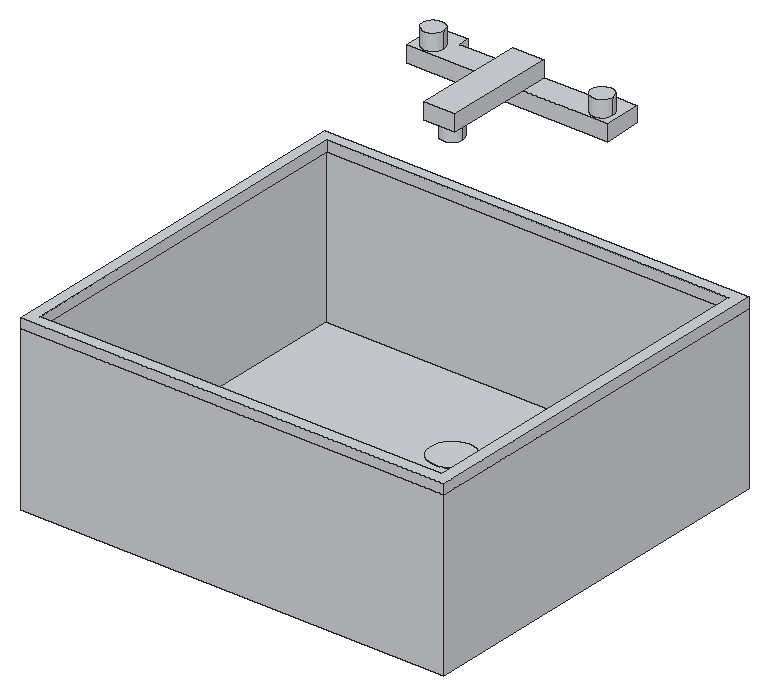
Revit family "API_Sink - Work_content", category Plumbing Fixtures, Revit 2025
Family settings
  Round Connector Dimension = Use Radius
  Part Type = Normal
  OmniClass Number = 23.45.05.14.14
  OmniClass Title = Sinks/Lavatories
  Work Plane-Based = No
  Enable Cutting in Views = No
  Always vertical = Yes
  Cut with Voids When Loaded = No
  Maintain Annotation Orientation = No
  Shared = No
  Room Calculation Point = No
Parameters (values of type "20"x18"")
  WFU = 2
  Sink Width = 1' - 6"
  Sink Material = none
  Sink Length = 1' - 8"
  Sink Depth = 0' - 8"
  Sanitary Radius = 3/4"
  Sanitary Diameter = 2 * Sanitary Radius  # 1 1/2"
  Hot Water Radius = 1/4"
  Hot Water Diameter = 2 * Hot Water Radius  # 1/2"
  HWFU = 2.25
  Flow Pressure [instance] = 8.00 psi
  Faucet Material = none
  Faucet Height = 1' - 1 5/8"
  Default Elevation = 0' - 0"
  Cold Water Radius = 1/4"
  Cold Water Diameter = 2 * Cold Water Radius  # 1/2"
  CWFU = 2.25
Reference planes (in)
  plane 1 "Center (Front/Back)": y = 0
  plane 2: z = 0
  plane 3 "Center (Left/Right)": x = 0
  plane 4: x = -10
  plane 5: x = 10
  plane 6: y = -18
  plane 7: y = -0.125
  plane 8: x = -9.875
  plane 9: x = 9.875
  plane 10: y = -17.875
  plane 11: z = 0.125
  plane 12: z = 8.125
  plane 13: z = 7.625
  plane 14: y = -0.5
  plane 15: x = -9.5
  plane 16: x = 9.5
  plane 17: y = -17.5
  plane 18: y = -5
  plane 19: z = 13.625
  plane 20: z = 14.375
  plane 21: z = 15.125
  plane 22: y = -1.75
  plane 23: x = -4.75
  plane 24: x = 4.75
  plane 25: x = -3.25
  plane 26: x = 3.25
  plane 27: y = -1.125
  plane 28: x = -4
  plane 29: x = 4
  plane 30: y = -5.75
  plane 31: x = -0.75
  plane 32: x = 0.75
Forms (in)
  Extrusion 1, solid, material <- "Sink Material"
    sketch origin (0, 0, 0) x (1, 0, 0) y (0, 1, 0)
      loop
        line (-10, 0) -> (-10, -18) -> (10, -18) -> (10, 0) -> (-10, 0)
      loop
        line (-9.875, -0.125) -> (-9.875, -17.875) -> (9.875, -17.875) -> (9.875, -0.125) -> (-9.875, -0.125)
    from 0 to 7.625
  Extrusion 2, solid, material <- "Sink Material"
    sketch origin (0, 0, 0) x (1, 0, 0) y (0, 1, 0)
      loop
        line (-9.875, -0.125) -> (-9.875, -17.875) -> (9.875, -17.875) -> (9.875, -0.125) -> (-9.875, -0.125)
    from 0 to 0.125
  Extrusion 3, solid, material <- "Sink Material"
    sketch origin (0, 0, 0) x (1, 0, 0) y (0, 1, 0)
      loop
        line (-10, 0) -> (-10, -18) -> (10, -18) -> (10, 0) -> (-10, 0)
      loop
        line (-9.5, -0.5) -> (-9.5, -17.5) -> (9.5, -17.5) -> (9.5, -0.5) -> (-9.5, -0.5)
    from 7.625 to 8.125
  Extrusion 4, solid, material <- "Sink Material"
    sketch origin (0, 0, 0) x (1, 0, 0) y (0, 1, 0)
      loop
        circle (0, -5) r 1
    from 0 to 0.125
  Extrusion 5, solid, material <- "Faucet Material", detail levels fine
    sketch origin (0, 0, 0) x (1, 0, 0) y (0, 1, 0)
      loop
        line (-4.75, 0) -> (-4.75, -1.75) -> (4.75, -1.75) -> (4.75, 0) -> (3.25, 0) -> (3.25, -0.5) -> (-3.25, -0.5) -> (-3.25, 0) -> (-4.75, 0)
    from 13.625 to 14.375
  Extrusion 6, solid, material <- "Faucet Material", detail levels fine
    sketch origin (0, 0, 0) x (1, 0, 0) y (0, 1, 0)
      loop
        circle (-4, -1.125) r 0.5
      loop
        circle (4, -1.125) r 0.5
    from 14.375 to 15.125
  Extrusion 7, solid, material <- "Faucet Material", detail levels fine
    sketch origin (0, 0, 0) x (1, 0, 0) y (0, 1, 0)
      loop
        line (-0.75, -0.5) -> (-0.75, -5.75) -> (0.75, -5.75) -> (0.75, -0.5) -> (-0.75, -0.5)
    from 14.375 to 15.125
  Extrusion 8, solid, material <- "Faucet Material", detail levels fine
    sketch origin (0, 0, 0) x (1, 0, 0) y (0, 1, 0)
      loop
        circle (0, -5) r 0.5
    from 13.625 to 14.375
Cuts and joins
  joined: Extrusion 1, Extrusion 2
  joined: Extrusion 5, Extrusion 6, Extrusion 7, Extrusion 8
Dimensions and locks (in)
  equal spacing: plane 4, plane 3 "Center (Left/Right)", plane 5
  "Sink Length": plane 4 to plane 5
  "Sink Width": plane 6 to plane 1 "Center (Front/Back)"
  locked: plane 7 to plane 1 "Center (Front/Back)" at 0.125
  locked: plane 9 to plane 5 at 0.125
  locked: plane 10 to plane 6 at 0.125
  locked: plane 4 to plane 8 at 0.125
  locked: plane 11 to plane 2 at 0.125
  "Sink Depth": plane 12 to plane 11
  locked: plane 12 to plane 13 at 0.5
  locked: plane 1 "Center (Front/Back)" to plane 14 at 0.5
  locked: plane 16 to plane 5 at 0.5
  locked: plane 6 to plane 17 at 0.5
  locked: plane 4 to plane 15 at 0.5
  "Faucet Height": plane 19 to plane 2
  plane 21 to plane 20 to plane 19 = 0' - 0 3/4" locked, 0' - 0 3/4" locked
  locked: plane 14 to plane 22 at 1.25
  plane 23 to plane 3 "Center (Left/Right)" to plane 24 = 0' - 4 3/4" locked, 0' - 4 3/4" locked
  locked: plane 23 to plane 25 at 1.5
  locked: plane 26 to plane 24 at 1.5
  equal spacing: plane 14, plane 27, plane 22
  equal spacing: plane 23, plane 28, plane 25
  equal spacing: plane 26, plane 29, plane 24
  locked: plane 22 to plane 30 at 4
  plane 31 to plane 3 "Center (Left/Right)" to plane 32 = 0' - 0 3/4" locked, 0' - 0 3/4" locked
  radius of Extrusion 4 sketch curve = 0' - 1"
  radius of Extrusion 6 sketch curve = 0' - 0 1/2"  (x2)
  radius of Extrusion 8 sketch curve = 0' - 0 1/2"
  aligned and locked: plane 4 to Extrusion 1 sketch curve
  aligned and locked: plane 1 "Center (Front/Back)" to Extrusion 1 sketch curve
  aligned and locked: plane 6 to Extrusion 1 sketch curve
  aligned and locked: Extrusion 1 sketch curve to plane 5
  aligned and locked: plane 8 to Extrusion 1 sketch curve
  aligned and locked: plane 7 to Extrusion 1 sketch curve
  aligned and locked: plane 10 to Extrusion 1 sketch curve
  aligned and locked: plane 9 to Extrusion 1 sketch curve
  aligned and locked: Extrusion 1 to plane 2
  aligned and locked: plane 13 to Extrusion 1
  aligned and locked: Extrusion 1 to Extrusion 2 sketch curve
  aligned and locked: Extrusion 2 sketch curve to Extrusion 1  (x3)
  aligned and locked: plane 2 to Extrusion 2
  aligned and locked: plane 11 to Extrusion 2
  aligned and locked: Extrusion 3 sketch curve to Extrusion 1  (x3)
  aligned and locked: Extrusion 1 to Extrusion 3 sketch curve
  aligned and locked: plane 15 to Extrusion 3 sketch curve
  aligned and locked: Extrusion 3 sketch curve to plane 14
  aligned and locked: plane 17 to Extrusion 3 sketch curve
  aligned and locked: Extrusion 3 sketch curve to plane 16
  aligned and locked: Extrusion 3 to plane 13
  aligned and locked: plane 12 to Extrusion 3
  aligned and locked: plane 18 to Extrusion 4 sketch curve
  aligned and locked: plane 3 "Center (Left/Right)" to Extrusion 4 sketch curve
  aligned and locked: Extrusion 4 to plane 2
  aligned and locked: plane 11 to Extrusion 4
  aligned and locked: plane 23 to Extrusion 5 sketch curve
  aligned and locked: plane 1 "Center (Front/Back)" to Extrusion 5 sketch curve  (x2)
  aligned and locked: plane 25 to Extrusion 5 sketch curve
  aligned and locked: plane 26 to Extrusion 5 sketch curve
  aligned and locked: plane 22 to Extrusion 5 sketch curve
  aligned and locked: Extrusion 5 sketch curve to plane 24
  aligned and locked: Extrusion 5 sketch curve to plane 14
  aligned and locked: plane 20 to Extrusion 5
  aligned and locked: Extrusion 5 to plane 19
  aligned and locked: plane 27 to Extrusion 6 sketch curve  (x2)
  aligned and locked: plane 28 to Extrusion 6 sketch curve
  aligned and locked: plane 29 to Extrusion 6 sketch curve
  aligned and locked: plane 21 to Extrusion 6
  aligned and locked: Extrusion 6 to plane 20
  aligned and locked: plane 31 to Extrusion 7 sketch curve
  aligned and locked: Extrusion 7 sketch curve to plane 14
  aligned and locked: plane 30 to Extrusion 7 sketch curve
  aligned and locked: Extrusion 7 sketch curve to plane 32
  aligned and locked: plane 21 to Extrusion 7
  aligned and locked: Extrusion 7 to plane 20
  aligned and locked: plane 18 to Extrusion 8 sketch curve
  aligned and locked: plane 3 "Center (Left/Right)" to Extrusion 8 sketch curve
  aligned and locked: plane 20 to Extrusion 8
  aligned and locked: Extrusion 8 to plane 19
Connectors (in)
  piping at (4, 0, 14), diameter 0.5, driven by "Cold Water Radius", driven by "Flow Pressure", driven by "CWFU"
    settings: on cut or joined group of Extrusion 5, Extrusion 6, Extrusion 7, Extrusion 8, index 1, connector inside diameter 1/2", connector length 0' - 0", flow factor 0, pipe flow 0 GPM, pressure drop 8.00 psi, fitting loss kfactor 0, connector angle 0.00°, fixture units 2.25, engagement length 0' - 0", angle of deflection 0.00°, flow configuration 3, flow direction 1, fitting loss method 4, system type 20, joint type 0, gender type 0, connector reference index -1, connector utility 0, adjustable connector no, is connector primary yes, connector description "In"
  piping at (-4, 0, 14), diameter 0.5, driven by "Hot Water Radius", driven by "Flow Pressure", driven by "HWFU"
    settings: on cut or joined group of Extrusion 5, Extrusion 6, Extrusion 7, Extrusion 8, index 2, connector inside diameter 1/2", connector length 0' - 0", flow factor 0, pipe flow 0 GPM, pressure drop 8.00 psi, fitting loss kfactor 0, connector angle 0.00°, fixture units 2.25, engagement length 0' - 0", angle of deflection 0.00°, flow configuration 3, flow direction 1, fitting loss method 4, system type 19, joint type 0, gender type 0, connector reference index -1, connector utility 0, adjustable connector no, is connector primary no, connector description "In"
  piping at (0, -5, 0), diameter 1.5, driven by "WFU", driven by "Sanitary Radius"
    settings: on Extrusion 4, index 3, connector inside diameter 1 1/2", connector length 0' - 0", flow factor 0, pipe flow 0 GPM, pressure drop 0.00 psi, fitting loss kfactor 0, connector angle 0.00°, fixture units 2, engagement length 0' - 0", angle of deflection 0.00°, flow configuration 3, flow direction 2, fitting loss method 0, system type 16, joint type 0, gender type 0, connector reference index -1, connector utility 0, adjustable connector no, is connector primary no, connector description "Out"
